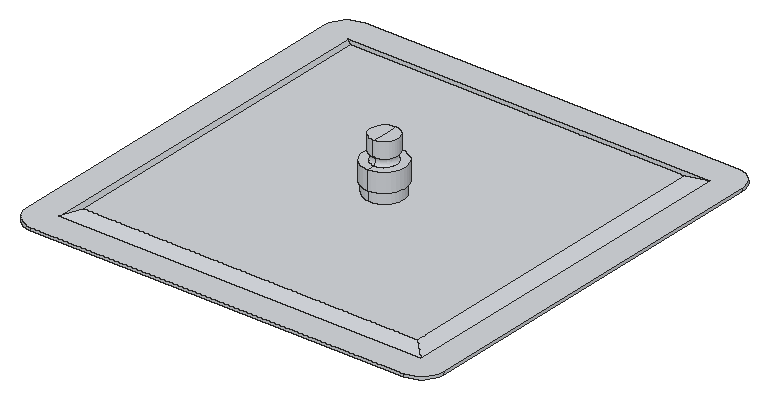
Revit family "BRG-GRF-DCH_ Briggs Reg. Cuad. Slim Inox Cr 30 cm", category Aparatos sanitarios, Revit 2020 (continued)
Definition of nested family "REJILLA"
  Automatic sketch dimensions
    SweptBlend 136 sketch curve to profile plane = 0.000418 m  (x2)
    profile plane to SweptBlend 136 sketch curve = 0.00 m
    SweptBlend 137 sketch curve to SweptBlend 137 sketch curve = 0.003 m
    SweptBlend 137 sketch curve to profile plane = 0.00 m
    SweptBlend 137 sketch curve to profile plane = 0.000418 m  (x2)
    profile plane to SweptBlend 137 sketch curve = 0.00 m
    SweptBlend 138 sketch curve to SweptBlend 138 sketch curve = 0.003 m
    SweptBlend 138 sketch curve to profile plane = 0.00 m
    SweptBlend 138 sketch curve to profile plane = 0.000418 m  (x2)
    profile plane to SweptBlend 138 sketch curve = 0.00 m
    SweptBlend 139 sketch curve to SweptBlend 139 sketch curve = 0.003 m
    SweptBlend 139 sketch curve to profile plane = 0.00 m
    SweptBlend 139 sketch curve to profile plane = 0.000418 m  (x2)
    profile plane to SweptBlend 139 sketch curve = 0.00 m
    SweptBlend 140 sketch curve to SweptBlend 140 sketch curve = 0.003 m
    SweptBlend 140 sketch curve to profile plane = 0.00 m
    SweptBlend 140 sketch curve to profile plane = 0.000418 m  (x2)
    profile plane to SweptBlend 140 sketch curve = 0.00 m
    SweptBlend 141 sketch curve to SweptBlend 141 sketch curve = 0.003 m
    SweptBlend 141 sketch curve to profile plane = 0.00 m
    SweptBlend 141 sketch curve to profile plane = 0.000418 m  (x2)
    profile plane to SweptBlend 141 sketch curve = 0.00 m
    SweptBlend 142 sketch curve to SweptBlend 142 sketch curve = 0.003 m
    SweptBlend 142 sketch curve to profile plane = 0.00 m
    SweptBlend 142 sketch curve to profile plane = 0.000418 m  (x2)
    profile plane to SweptBlend 142 sketch curve = 0.00 m
    SweptBlend 143 sketch curve to SweptBlend 143 sketch curve = 0.003 m
    SweptBlend 143 sketch curve to profile plane = 0.00 m
    SweptBlend 143 sketch curve to profile plane = 0.000418 m  (x2)
    profile plane to SweptBlend 143 sketch curve = 0.00 m
    SweptBlend 144 sketch curve to SweptBlend 144 sketch curve = 0.003 m
    SweptBlend 144 sketch curve to profile plane = 0.00 m
    SweptBlend 144 sketch curve to profile plane = 0.000418 m  (x2)
    profile plane to SweptBlend 144 sketch curve = 0.00 m
    SweptBlend 145 sketch curve to SweptBlend 145 sketch curve = 0.003 m
    SweptBlend 145 sketch curve to profile plane = 0.00 m
    SweptBlend 145 sketch curve to profile plane = 0.000418 m  (x2)
    profile plane to SweptBlend 145 sketch curve = 0.00 m
    SweptBlend 146 sketch curve to SweptBlend 146 sketch curve = 0.003 m
    SweptBlend 146 sketch curve to profile plane = 0.00 m
    SweptBlend 146 sketch curve to profile plane = 0.000418 m  (x2)
    profile plane to SweptBlend 146 sketch curve = 0.00 m
    SweptBlend 147 sketch curve to SweptBlend 147 sketch curve = 0.003 m
    SweptBlend 147 sketch curve to profile plane = 0.00 m
    SweptBlend 147 sketch curve to profile plane = 0.000418 m  (x2)
    profile plane to SweptBlend 147 sketch curve = 0.00 m
    SweptBlend 148 sketch curve to SweptBlend 148 sketch curve = 0.003 m
    SweptBlend 148 sketch curve to profile plane = 0.00 m
    SweptBlend 148 sketch curve to profile plane = 0.000418 m  (x2)
    profile plane to SweptBlend 148 sketch curve = 0.00 m
    SweptBlend 149 sketch curve to SweptBlend 149 sketch curve = 0.003 m
    SweptBlend 149 sketch curve to profile plane = 0.00 m
    SweptBlend 149 sketch curve to profile plane = 0.000418 m  (x2)
    profile plane to SweptBlend 149 sketch curve = 0.00 m
    SweptBlend 150 sketch curve to SweptBlend 150 sketch curve = 0.003 m
    SweptBlend 150 sketch curve to profile plane = 0.00 m
    SweptBlend 150 sketch curve to profile plane = 0.000418 m  (x2)
    profile plane to SweptBlend 150 sketch curve = 0.00 m
    SweptBlend 151 sketch curve to SweptBlend 151 sketch curve = 0.003 m
    SweptBlend 151 sketch curve to profile plane = 0.00 m
    SweptBlend 151 sketch curve to profile plane = 0.000418 m  (x2)
    profile plane to SweptBlend 151 sketch curve = 0.00 m
    SweptBlend 152 sketch curve to SweptBlend 152 sketch curve = 0.003 m
    SweptBlend 152 sketch curve to profile plane = 0.00 m
    SweptBlend 152 sketch curve to profile plane = 0.000418 m  (x2)
    profile plane to SweptBlend 152 sketch curve = 0.00 m
    SweptBlend 153 sketch curve to SweptBlend 153 sketch curve = 0.003 m
    SweptBlend 153 sketch curve to profile plane = 0.00 m
    SweptBlend 153 sketch curve to profile plane = 0.000418 m  (x2)
    profile plane to SweptBlend 153 sketch curve = 0.00 m
    SweptBlend 154 sketch curve to SweptBlend 154 sketch curve = 0.003 m
    SweptBlend 154 sketch curve to profile plane = 0.00 m
    SweptBlend 154 sketch curve to profile plane = 0.000418 m  (x2)
    profile plane to SweptBlend 154 sketch curve = 0.00 m
    SweptBlend 155 sketch curve to SweptBlend 155 sketch curve = 0.003 m
    SweptBlend 155 sketch curve to profile plane = 0.00 m
    SweptBlend 155 sketch curve to profile plane = 0.000418 m  (x2)
    profile plane to SweptBlend 155 sketch curve = 0.00 m
    SweptBlend 156 sketch curve to SweptBlend 156 sketch curve = 0.003 m
    SweptBlend 156 sketch curve to profile plane = 0.00 m
    SweptBlend 156 sketch curve to profile plane = 0.000418 m  (x2)
    profile plane to SweptBlend 156 sketch curve = 0.00 m
    SweptBlend 157 sketch curve to SweptBlend 157 sketch curve = 0.003 m
    SweptBlend 157 sketch curve to profile plane = 0.00 m
    SweptBlend 157 sketch curve to profile plane = 0.000418 m  (x2)
    profile plane to SweptBlend 157 sketch curve = 0.00 m
    SweptBlend 158 sketch curve to SweptBlend 158 sketch curve = 0.003 m
    SweptBlend 158 sketch curve to profile plane = 0.00 m
    SweptBlend 158 sketch curve to profile plane = 0.000418 m  (x2)
    profile plane to SweptBlend 158 sketch curve = 0.00 m
    SweptBlend 159 sketch curve to SweptBlend 159 sketch curve = 0.003 m
    SweptBlend 159 sketch curve to profile plane = 0.00 m
    SweptBlend 159 sketch curve to profile plane = 0.000418 m  (x2)
    profile plane to SweptBlend 159 sketch curve = 0.00 m
    SweptBlend 160 sketch curve to SweptBlend 160 sketch curve = 0.003 m
    SweptBlend 160 sketch curve to profile plane = 0.00 m
    SweptBlend 160 sketch curve to profile plane = 0.000418 m  (x2)
    profile plane to SweptBlend 160 sketch curve = 0.00 m
    SweptBlend 161 sketch curve to SweptBlend 161 sketch curve = 0.003 m
    SweptBlend 161 sketch curve to profile plane = 0.00 m
    SweptBlend 161 sketch curve to profile plane = 0.000418 m  (x2)
    profile plane to SweptBlend 161 sketch curve = 0.00 m
    SweptBlend 162 sketch curve to SweptBlend 162 sketch curve = 0.003 m
    SweptBlend 162 sketch curve to profile plane = 0.00 m
    SweptBlend 162 sketch curve to profile plane = 0.000418 m  (x2)
    profile plane to SweptBlend 162 sketch curve = 0.00 m
    SweptBlend 163 sketch curve to SweptBlend 163 sketch curve = 0.003 m
    SweptBlend 163 sketch curve to profile plane = 0.00 m
    SweptBlend 163 sketch curve to profile plane = 0.000418 m  (x2)
    profile plane to SweptBlend 163 sketch curve = 0.00 m
    SweptBlend 164 sketch curve to SweptBlend 164 sketch curve = 0.003 m
    SweptBlend 164 sketch curve to profile plane = 0.00 m
    SweptBlend 164 sketch curve to profile plane = 0.000418 m  (x2)
    profile plane to SweptBlend 164 sketch curve = 0.00 m
    SweptBlend 165 sketch curve to SweptBlend 165 sketch curve = 0.003 m
    SweptBlend 165 sketch curve to profile plane = 0.00 m
    SweptBlend 165 sketch curve to profile plane = 0.000418 m  (x2)
    profile plane to SweptBlend 165 sketch curve = 0.00 m
    SweptBlend 166 sketch curve to SweptBlend 166 sketch curve = 0.003 m
    SweptBlend 166 sketch curve to profile plane = 0.00 m
    SweptBlend 166 sketch curve to profile plane = 0.000418 m  (x2)
    profile plane to SweptBlend 166 sketch curve = 0.00 m
    SweptBlend 167 sketch curve to SweptBlend 167 sketch curve = 0.003 m
    SweptBlend 167 sketch curve to profile plane = 0.00 m
    SweptBlend 167 sketch curve to profile plane = 0.000418 m  (x2)
    profile plane to SweptBlend 167 sketch curve = 0.00 m
    SweptBlend 168 sketch curve to SweptBlend 168 sketch curve = 0.003 m
    SweptBlend 168 sketch curve to profile plane = 0.00 m
    SweptBlend 168 sketch curve to profile plane = 0.000418 m  (x2)
    profile plane to SweptBlend 168 sketch curve = 0.00 m
    SweptBlend 169 sketch curve to SweptBlend 169 sketch curve = 0.003 m
    SweptBlend 169 sketch curve to profile plane = 0.00 m
    SweptBlend 169 sketch curve to profile plane = 0.000418 m  (x2)
    profile plane to SweptBlend 169 sketch curve = 0.00 m
    SweptBlend 170 sketch curve to SweptBlend 170 sketch curve = 0.003 m
    SweptBlend 170 sketch curve to profile plane = 0.00 m
    SweptBlend 170 sketch curve to profile plane = 0.000418 m  (x2)
    profile plane to SweptBlend 170 sketch curve = 0.00 m
    SweptBlend 171 sketch curve to SweptBlend 171 sketch curve = 0.003 m
    SweptBlend 171 sketch curve to profile plane = 0.00 m
    SweptBlend 171 sketch curve to profile plane = 0.000418 m  (x2)
    profile plane to SweptBlend 171 sketch curve = 0.00 m
    SweptBlend 172 sketch curve to SweptBlend 172 sketch curve = 0.003 m
    SweptBlend 172 sketch curve to profile plane = 0.00 m
    SweptBlend 172 sketch curve to profile plane = 0.000418 m  (x2)
    profile plane to SweptBlend 172 sketch curve = 0.00 m
    SweptBlend 173 sketch curve to SweptBlend 173 sketch curve = 0.003 m
    SweptBlend 173 sketch curve to profile plane = 0.00 m
    SweptBlend 173 sketch curve to profile plane = 0.000418 m  (x2)
    profile plane to SweptBlend 173 sketch curve = 0.00 m
    SweptBlend 174 sketch curve to SweptBlend 174 sketch curve = 0.003 m
    SweptBlend 174 sketch curve to profile plane = 0.00 m
    SweptBlend 174 sketch curve to profile plane = 0.000418 m  (x2)
    profile plane to SweptBlend 174 sketch curve = 0.00 m
    profile plane to SweptBlend 3 sketch curve = 0.13 m
    SweptBlend 3 sketch curve to plane 3 "Centro (Izquierda/Derecha)" = 0.13 m
    SweptBlend 3 sketch curve to profile plane = 0.13 m
    plane 3 "Centro (Izquierda/Derecha)" to SweptBlend 3 sketch curve = 0.13 m
    profile plane to SweptBlend 3 sketch curve = 0.12 m
    SweptBlend 3 sketch curve to profile plane = 0.12 m
    SweptBlend 3 sketch curve to plane 3 "Centro (Izquierda/Derecha)" = 0.12 m
    plane 3 "Centro (Izquierda/Derecha)" to SweptBlend 3 sketch curve = 0.12 m
    radius of SweptBlend 4 sketch curve = 0.0015 m
    radius of SweptBlend 4 sketch curve = 0.003 m
    radius of SweptBlend 5 sketch curve = 0.004 m
    radius of SweptBlend 5 sketch curve = 0.001 m
    radius of SweptBlend 6 sketch curve = 0.004 m
    radius of SweptBlend 6 sketch curve = 0.001 m
    radius of SweptBlend 7 sketch curve = 0.004 m
    radius of SweptBlend 7 sketch curve = 0.001 m
    radius of SweptBlend 8 sketch curve = 0.004 m
    radius of SweptBlend 8 sketch curve = 0.001 m
    radius of SweptBlend 9 sketch curve = 0.004 m
    radius of SweptBlend 9 sketch curve = 0.001 m
    radius of SweptBlend 10 sketch curve = 0.004 m
    radius of SweptBlend 10 sketch curve = 0.001 m
    radius of SweptBlend 11 sketch curve = 0.004 m
    radius of SweptBlend 11 sketch curve = 0.001 m
    radius of SweptBlend 12 sketch curve = 0.004 m
    radius of SweptBlend 12 sketch curve = 0.001 m
    radius of SweptBlend 13 sketch curve = 0.004 m
    radius of SweptBlend 13 sketch curve = 0.001 m
    radius of SweptBlend 14 sketch curve = 0.004 m
    radius of SweptBlend 14 sketch curve = 0.001 m
    radius of SweptBlend 15 sketch curve = 0.004 m
    radius of SweptBlend 15 sketch curve = 0.001 m
    radius of SweptBlend 16 sketch curve = 0.004 m
    radius of SweptBlend 16 sketch curve = 0.001 m
    radius of SweptBlend 17 sketch curve = 0.004 m
    radius of SweptBlend 17 sketch curve = 0.001 m
    radius of SweptBlend 18 sketch curve = 0.004 m
    radius of SweptBlend 18 sketch curve = 0.001 m
    radius of SweptBlend 19 sketch curve = 0.004 m
    radius of SweptBlend 19 sketch curve = 0.001 m
    radius of SweptBlend 20 sketch curve = 0.004 m
    radius of SweptBlend 20 sketch curve = 0.001 m
    radius of SweptBlend 21 sketch curve = 0.004 m
    radius of SweptBlend 21 sketch curve = 0.001 m
    radius of SweptBlend 22 sketch curve = 0.004 m
    radius of SweptBlend 22 sketch curve = 0.001 m
    radius of SweptBlend 23 sketch curve = 0.004 m
    radius of SweptBlend 23 sketch curve = 0.001 m
    radius of SweptBlend 24 sketch curve = 0.004 m
    radius of SweptBlend 24 sketch curve = 0.001 m
    radius of SweptBlend 25 sketch curve = 0.004 m
    radius of SweptBlend 25 sketch curve = 0.001 m
    radius of SweptBlend 26 sketch curve = 0.004 m
    radius of SweptBlend 26 sketch curve = 0.001 m
    radius of SweptBlend 27 sketch curve = 0.004 m
    radius of SweptBlend 27 sketch curve = 0.001 m
    radius of SweptBlend 28 sketch curve = 0.004 m
    radius of SweptBlend 28 sketch curve = 0.001 m
    radius of SweptBlend 29 sketch curve = 0.004 m
    radius of SweptBlend 29 sketch curve = 0.001 m
    radius of SweptBlend 30 sketch curve = 0.004 m
    radius of SweptBlend 30 sketch curve = 0.001 m
    radius of SweptBlend 31 sketch curve = 0.004 m
    radius of SweptBlend 31 sketch curve = 0.001 m
    radius of SweptBlend 32 sketch curve = 0.004 m
    radius of SweptBlend 32 sketch curve = 0.001 m
    radius of SweptBlend 33 sketch curve = 0.004 m
    radius of SweptBlend 33 sketch curve = 0.001 m
    radius of SweptBlend 34 sketch curve = 0.004 m
    radius of SweptBlend 34 sketch curve = 0.001 m
    radius of SweptBlend 35 sketch curve = 0.004 m
    radius of SweptBlend 35 sketch curve = 0.001 m
    radius of SweptBlend 36 sketch curve = 0.004 m
    radius of SweptBlend 36 sketch curve = 0.001 m
    radius of SweptBlend 37 sketch curve = 0.004 m
    radius of SweptBlend 37 sketch curve = 0.001 m
    radius of SweptBlend 38 sketch curve = 0.004 m
    radius of SweptBlend 38 sketch curve = 0.001 m
    radius of SweptBlend 39 sketch curve = 0.004 m
    radius of SweptBlend 39 sketch curve = 0.001 m
    radius of SweptBlend 40 sketch curve = 0.004 m
    radius of SweptBlend 40 sketch curve = 0.001 m
    radius of SweptBlend 41 sketch curve = 0.004 m
    radius of SweptBlend 41 sketch curve = 0.001 m
    radius of SweptBlend 42 sketch curve = 0.004 m
    radius of SweptBlend 42 sketch curve = 0.001 m
    radius of SweptBlend 43 sketch curve = 0.004 m
    radius of SweptBlend 43 sketch curve = 0.001 m
    radius of SweptBlend 44 sketch curve = 0.004 m
    radius of SweptBlend 44 sketch curve = 0.001 m
    radius of SweptBlend 45 sketch curve = 0.004 m
    radius of SweptBlend 45 sketch curve = 0.001 m
    radius of SweptBlend 46 sketch curve = 0.004 m
    radius of SweptBlend 46 sketch curve = 0.001 m
    radius of SweptBlend 47 sketch curve = 0.004 m
    radius of SweptBlend 47 sketch curve = 0.001 m
    radius of SweptBlend 48 sketch curve = 0.004 m
    radius of SweptBlend 48 sketch curve = 0.001 m
    radius of SweptBlend 49 sketch curve = 0.004 m
    radius of SweptBlend 49 sketch curve = 0.001 m
    radius of SweptBlend 50 sketch curve = 0.004 m
    radius of SweptBlend 50 sketch curve = 0.001 m
    radius of SweptBlend 51 sketch curve = 0.004 m
    radius of SweptBlend 51 sketch curve = 0.001 m
    radius of SweptBlend 52 sketch curve = 0.004 m
    radius of SweptBlend 52 sketch curve = 0.001 m
    radius of SweptBlend 53 sketch curve = 0.004 m
    radius of SweptBlend 53 sketch curve = 0.001 m
    radius of SweptBlend 54 sketch curve = 0.004 m
    radius of SweptBlend 54 sketch curve = 0.001 m
    radius of SweptBlend 55 sketch curve = 0.004 m
    radius of SweptBlend 55 sketch curve = 0.001 m
    radius of SweptBlend 56 sketch curve = 0.004 m
    radius of SweptBlend 56 sketch curve = 0.001 m
    radius of SweptBlend 57 sketch curve = 0.004 m
    radius of SweptBlend 57 sketch curve = 0.001 m
    radius of SweptBlend 58 sketch curve = 0.004 m
    radius of SweptBlend 58 sketch curve = 0.001 m
    radius of SweptBlend 59 sketch curve = 0.004 m
    radius of SweptBlend 59 sketch curve = 0.001 m
    radius of SweptBlend 60 sketch curve = 0.004 m
    radius of SweptBlend 60 sketch curve = 0.001 m
    radius of SweptBlend 61 sketch curve = 0.004 m
    radius of SweptBlend 61 sketch curve = 0.001 m
    radius of SweptBlend 62 sketch curve = 0.004 m
    radius of SweptBlend 62 sketch curve = 0.001 m
    radius of SweptBlend 63 sketch curve = 0.004 m
    radius of SweptBlend 63 sketch curve = 0.001 m
    radius of SweptBlend 64 sketch curve = 0.004 m
    radius of SweptBlend 64 sketch curve = 0.001 m
    radius of SweptBlend 65 sketch curve = 0.004 m
    radius of SweptBlend 65 sketch curve = 0.001 m
    radius of SweptBlend 66 sketch curve = 0.004 m
    radius of SweptBlend 66 sketch curve = 0.001 m
    radius of SweptBlend 67 sketch curve = 0.004 m
    radius of SweptBlend 67 sketch curve = 0.001 m
    radius of SweptBlend 68 sketch curve = 0.004 m
    radius of SweptBlend 68 sketch curve = 0.001 m
    radius of SweptBlend 69 sketch curve = 0.004 m
    radius of SweptBlend 69 sketch curve = 0.001 m
    radius of SweptBlend 70 sketch curve = 0.004 m
    radius of SweptBlend 70 sketch curve = 0.001 m
    radius of SweptBlend 71 sketch curve = 0.004 m
    radius of SweptBlend 71 sketch curve = 0.001 m
    radius of SweptBlend 72 sketch curve = 0.004 m
    radius of SweptBlend 72 sketch curve = 0.001 m
    radius of SweptBlend 73 sketch curve = 0.004 m
    radius of SweptBlend 73 sketch curve = 0.001 m
    radius of SweptBlend 74 sketch curve = 0.004 m
    radius of SweptBlend 74 sketch curve = 0.001 m
    radius of SweptBlend 75 sketch curve = 0.004 m
    radius of SweptBlend 75 sketch curve = 0.001 m
    radius of SweptBlend 76 sketch curve = 0.004 m
    radius of SweptBlend 76 sketch curve = 0.001 m
    radius of SweptBlend 77 sketch curve = 0.004 m
    radius of SweptBlend 77 sketch curve = 0.001 m
    radius of SweptBlend 78 sketch curve = 0.004 m
    radius of SweptBlend 78 sketch curve = 0.001 m
    radius of SweptBlend 79 sketch curve = 0.004 m
    radius of SweptBlend 79 sketch curve = 0.001 m
    radius of SweptBlend 80 sketch curve = 0.004 m
    radius of SweptBlend 80 sketch curve = 0.001 m
    radius of SweptBlend 81 sketch curve = 0.004 m
    radius of SweptBlend 81 sketch curve = 0.001 m
    radius of SweptBlend 82 sketch curve = 0.004 m
    radius of SweptBlend 82 sketch curve = 0.001 m
    radius of SweptBlend 83 sketch curve = 0.004 m
    radius of SweptBlend 83 sketch curve = 0.001 m
    radius of SweptBlend 84 sketch curve = 0.004 m
    radius of SweptBlend 84 sketch curve = 0.001 m
    radius of SweptBlend 85 sketch curve = 0.004 m
    radius of SweptBlend 85 sketch curve = 0.001 m
    radius of SweptBlend 86 sketch curve = 0.004 m
    radius of SweptBlend 86 sketch curve = 0.001 m
    radius of SweptBlend 87 sketch curve = 0.004 m
    radius of SweptBlend 87 sketch curve = 0.001 m
    radius of SweptBlend 88 sketch curve = 0.004 m
    radius of SweptBlend 88 sketch curve = 0.001 m
    radius of SweptBlend 89 sketch curve = 0.004 m
    radius of SweptBlend 89 sketch curve = 0.001 m
    radius of SweptBlend 90 sketch curve = 0.004 m
    radius of SweptBlend 90 sketch curve = 0.001 m
    radius of SweptBlend 91 sketch curve = 0.004 m
    radius of SweptBlend 91 sketch curve = 0.001 m
    radius of SweptBlend 92 sketch curve = 0.004 m
    radius of SweptBlend 92 sketch curve = 0.001 m
    radius of SweptBlend 93 sketch curve = 0.004 m
    radius of SweptBlend 93 sketch curve = 0.001 m
    radius of SweptBlend 94 sketch curve = 0.004 m
    radius of SweptBlend 94 sketch curve = 0.001 m
    radius of SweptBlend 95 sketch curve = 0.004 m
    radius of SweptBlend 95 sketch curve = 0.001 m
    radius of SweptBlend 96 sketch curve = 0.004 m
    radius of SweptBlend 96 sketch curve = 0.001 m
    radius of SweptBlend 97 sketch curve = 0.004 m
    radius of SweptBlend 97 sketch curve = 0.001 m
    radius of SweptBlend 98 sketch curve = 0.004 m
    radius of SweptBlend 98 sketch curve = 0.001 m
    radius of SweptBlend 99 sketch curve = 0.004 m
    radius of SweptBlend 99 sketch curve = 0.001 m
    radius of SweptBlend 100 sketch curve = 0.004 m
    radius of SweptBlend 100 sketch curve = 0.001 m
    radius of SweptBlend 101 sketch curve = 0.004 m
    radius of SweptBlend 101 sketch curve = 0.001 m
    radius of SweptBlend 102 sketch curve = 0.004 m
    radius of SweptBlend 102 sketch curve = 0.001 m
    radius of SweptBlend 103 sketch curve = 0.004 m
    radius of SweptBlend 103 sketch curve = 0.001 m
    radius of SweptBlend 104 sketch curve = 0.004 m
    radius of SweptBlend 104 sketch curve = 0.001 m
    radius of SweptBlend 105 sketch curve = 0.004 m
    radius of SweptBlend 105 sketch curve = 0.001 m
    radius of SweptBlend 106 sketch curve = 0.004 m
    radius of SweptBlend 106 sketch curve = 0.001 m
    radius of SweptBlend 107 sketch curve = 0.004 m
    radius of SweptBlend 107 sketch curve = 0.001 m
    radius of SweptBlend 108 sketch curve = 0.004 m
    radius of SweptBlend 108 sketch curve = 0.001 m
    radius of SweptBlend 109 sketch curve = 0.004 m
    radius of SweptBlend 109 sketch curve = 0.001 m
    radius of SweptBlend 110 sketch curve = 0.004 m
    radius of SweptBlend 110 sketch curve = 0.001 m
    radius of SweptBlend 111 sketch curve = 0.004 m
    radius of SweptBlend 111 sketch curve = 0.001 m
    radius of SweptBlend 112 sketch curve = 0.004 m
    radius of SweptBlend 112 sketch curve = 0.001 m
    radius of SweptBlend 113 sketch curve = 0.004 m
    radius of SweptBlend 113 sketch curve = 0.001 m
    radius of SweptBlend 114 sketch curve = 0.004 m
    radius of SweptBlend 114 sketch curve = 0.001 m
    radius of SweptBlend 115 sketch curve = 0.004 m
    radius of SweptBlend 115 sketch curve = 0.001 m
    radius of SweptBlend 116 sketch curve = 0.004 m
    radius of SweptBlend 116 sketch curve = 0.001 m
    radius of SweptBlend 117 sketch curve = 0.004 m
    radius of SweptBlend 117 sketch curve = 0.001 m
    radius of SweptBlend 118 sketch curve = 0.004 m
    radius of SweptBlend 118 sketch curve = 0.001 m
    radius of SweptBlend 119 sketch curve = 0.004 m
    radius of SweptBlend 119 sketch curve = 0.001 m
    radius of SweptBlend 120 sketch curve = 0.004 m
    radius of SweptBlend 120 sketch curve = 0.001 m
    radius of SweptBlend 121 sketch curve = 0.004 m
    radius of SweptBlend 121 sketch curve = 0.001 m
    radius of SweptBlend 122 sketch curve = 0.004 m
    radius of SweptBlend 122 sketch curve = 0.001 m
    radius of SweptBlend 123 sketch curve = 0.004 m
    radius of SweptBlend 123 sketch curve = 0.001 m
    radius of SweptBlend 124 sketch curve = 0.004 m
    radius of SweptBlend 124 sketch curve = 0.001 m
    radius of SweptBlend 125 sketch curve = 0.004 m
    radius of SweptBlend 125 sketch curve = 0.001 m
    radius of SweptBlend 126 sketch curve = 0.004 m
    radius of SweptBlend 126 sketch curve = 0.001 m
    radius of SweptBlend 127 sketch curve = 0.004 m
    radius of SweptBlend 127 sketch curve = 0.001 m
    radius of SweptBlend 128 sketch curve = 0.004 m
    radius of SweptBlend 128 sketch curve = 0.001 m
    radius of SweptBlend 129 sketch curve = 0.004 m
    radius of SweptBlend 129 sketch curve = 0.001 m
    radius of SweptBlend 130 sketch curve = 0.004 m
    radius of SweptBlend 130 sketch curve = 0.001 m
    radius of SweptBlend 131 sketch curve = 0.004 m
    radius of SweptBlend 131 sketch curve = 0.001 m
    radius of SweptBlend 132 sketch curve = 0.004 m
    radius of SweptBlend 132 sketch curve = 0.001 m
    radius of SweptBlend 133 sketch curve = 0.004 m
    radius of SweptBlend 133 sketch curve = 0.001 m
    radius of SweptBlend 134 sketch curve = 0.004 m
    radius of SweptBlend 134 sketch curve = 0.001 m
    radius of SweptBlend 135 sketch curve = 0.004 m
    radius of SweptBlend 135 sketch curve = 0.001 m
    radius of SweptBlend 136 sketch curve = 0.004 m
    radius of SweptBlend 136 sketch curve = 0.001 m
    radius of SweptBlend 137 sketch curve = 0.004 m
    radius of SweptBlend 137 sketch curve = 0.001 m
    radius of SweptBlend 138 sketch curve = 0.004 m
    radius of SweptBlend 138 sketch curve = 0.001 m
    radius of SweptBlend 139 sketch curve = 0.004 m
    radius of SweptBlend 139 sketch curve = 0.001 m
    radius of SweptBlend 140 sketch curve = 0.004 m
    radius of SweptBlend 140 sketch curve = 0.001 m
    radius of SweptBlend 141 sketch curve = 0.004 m
    radius of SweptBlend 141 sketch curve = 0.001 m
    radius of SweptBlend 142 sketch curve = 0.004 m
    radius of SweptBlend 142 sketch curve = 0.001 m
    radius of SweptBlend 143 sketch curve = 0.004 m
    radius of SweptBlend 143 sketch curve = 0.001 m
    radius of SweptBlend 144 sketch curve = 0.004 m
    radius of SweptBlend 144 sketch curve = 0.001 m
    radius of SweptBlend 145 sketch curve = 0.004 m
    radius of SweptBlend 145 sketch curve = 0.001 m
    radius of SweptBlend 146 sketch curve = 0.004 m
    radius of SweptBlend 146 sketch curve = 0.001 m
    radius of SweptBlend 147 sketch curve = 0.004 m
    radius of SweptBlend 147 sketch curve = 0.001 m
    radius of SweptBlend 148 sketch curve = 0.004 m
    radius of SweptBlend 148 sketch curve = 0.001 m
    radius of SweptBlend 149 sketch curve = 0.004 m
    radius of SweptBlend 149 sketch curve = 0.001 m
    radius of SweptBlend 150 sketch curve = 0.004 m
    radius of SweptBlend 150 sketch curve = 0.001 m
    radius of SweptBlend 151 sketch curve = 0.004 m
    radius of SweptBlend 151 sketch curve = 0.001 m
    radius of SweptBlend 152 sketch curve = 0.004 m
    radius of SweptBlend 152 sketch curve = 0.001 m
    radius of SweptBlend 153 sketch curve = 0.004 m
    radius of SweptBlend 153 sketch curve = 0.001 m
    radius of SweptBlend 154 sketch curve = 0.004 m
    radius of SweptBlend 154 sketch curve = 0.001 m
    radius of SweptBlend 155 sketch curve = 0.004 m
    radius of SweptBlend 155 sketch curve = 0.001 m
    radius of SweptBlend 156 sketch curve = 0.004 m
    radius of SweptBlend 156 sketch curve = 0.001 m
    radius of SweptBlend 157 sketch curve = 0.004 m
    radius of SweptBlend 157 sketch curve = 0.001 m
    radius of SweptBlend 158 sketch curve = 0.004 m
    radius of SweptBlend 158 sketch curve = 0.001 m
    radius of SweptBlend 159 sketch curve = 0.004 m
    radius of SweptBlend 159 sketch curve = 0.001 m
    radius of SweptBlend 160 sketch curve = 0.004 m
    radius of SweptBlend 160 sketch curve = 0.001 m
    radius of SweptBlend 161 sketch curve = 0.004 m
    radius of SweptBlend 161 sketch curve = 0.001 m
    radius of SweptBlend 162 sketch curve = 0.004 m
    radius of SweptBlend 162 sketch curve = 0.001 m
    radius of SweptBlend 163 sketch curve = 0.004 m
    radius of SweptBlend 163 sketch curve = 0.001 m
    radius of SweptBlend 164 sketch curve = 0.004 m
    radius of SweptBlend 164 sketch curve = 0.001 m
    radius of SweptBlend 165 sketch curve = 0.004 m
    radius of SweptBlend 165 sketch curve = 0.001 m
    radius of SweptBlend 166 sketch curve = 0.004 m
    radius of SweptBlend 166 sketch curve = 0.001 m
    radius of SweptBlend 167 sketch curve = 0.004 m
    radius of SweptBlend 167 sketch curve = 0.001 m
    radius of SweptBlend 168 sketch curve = 0.004 m
    radius of SweptBlend 168 sketch curve = 0.001 m
    radius of SweptBlend 169 sketch curve = 0.004 m
    radius of SweptBlend 169 sketch curve = 0.001 m
    radius of SweptBlend 170 sketch curve = 0.004 m
    radius of SweptBlend 170 sketch curve = 0.001 m
    radius of SweptBlend 171 sketch curve = 0.004 m
    radius of SweptBlend 171 sketch curve = 0.001 m
    radius of SweptBlend 172 sketch curve = 0.004 m
    radius of SweptBlend 172 sketch curve = 0.001 m
    radius of SweptBlend 173 sketch curve = 0.004 m
    radius of SweptBlend 173 sketch curve = 0.001 m
    radius of SweptBlend 174 sketch curve = 0.004 m
    radius of SweptBlend 174 sketch curve = 0.001 m
